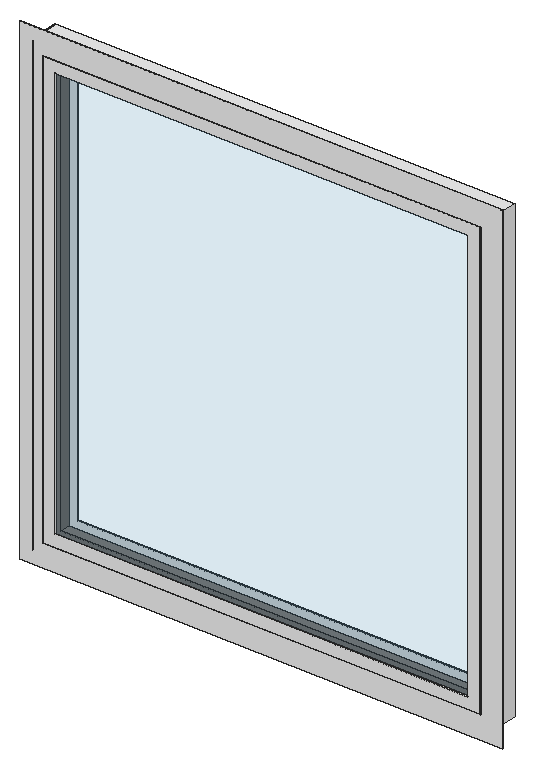
Revit family "Casement_34_G_Top_Hung_Custom", category Windows, host Wall, Revit 2014
Parameters (values of type "Casement_Sash_DG")
  Width Sash [instance] = 30 mm
  Width Sash Inner = 15 mm
  Width Bead = 15 mm
  Top Hung [instance] = yes
  Side Hung Right [instance] = yes
  Side Hung Left [instance] = yes
  Sash Opening Width [instance] = 600 mm
  Sash Opening Height [instance] = 600.312 mm
  Sash Lip = 15 mm
  Glazing Material [instance] = Glass
  DG Start Piece 2 [instance] = DG End Piece 1 + DG Gasket Thickness  # 25 mm
  DG Start Peice 1 [instance] = (Depth Sash - (2 * DG Glazing Thickness) - DG Gasket Thickness) / 2  # 6.6 mm
  Glazing Offset = 5 mm
  DG Glazing Thickness [instance] = 6.4 mm
  DG Gasket Thickness = 12 mm  # constant formula
  DG Gasket Material [instance] = Double Glazing Gasket Material
  DG End Piece 2 [instance] = DG Start Piece 2 + DG Glazing Thickness  # 31.4 mm
  DG End Piece 1 [instance] = DG Start Peice 1 + DG Glazing Thickness  # 13 mm
  Depth Sash [instance] = 38 mm
  Center Vertical Sash [instance] = Sash Opening Height / 2  # 300.156 mm
  Center Horizontal Sash [instance] = Sash Opening Width / 2  # 300 mm
  Bottom Hung [instance] = yes
  Bead Offset = 15 mm
  Aluminium Thickness = 1 mm
  Aluminium Material [instance] = White Powder Coated Aluminium
Reference planes
  plane 1 "Center (Front/Back)": y = 0
  plane 2: z = 0
  plane 3 "Center (Left/Right)": x = 0
Forms (mm)
  Sweep 1, solid, material "White Powder Coated Aluminium" <- "Aluminium Material"
    path origin (16.177, 0, 121.331) x (1, 0, 0) y (0, 0, 1)
      loop
        line (0, 0) -> (600, 0) -> (600, 600.312) -> (0, 600.312) -> (0, 0)
    profile origin (316.177, 0, 121.331) x (0, 0, 1) y (0, -1, 0)
      loop
        line (0, 0) -> (30, 0) -> (30, 1) -> (15, 1) -> (15, 38) -> (-15, 38) -> (-15, 37) -> (0, 37) -> (0, 0)
      loop
        line (14, 1) -> (14, 37) -> (1, 37) -> (1, 1) -> (14, 1)
  Sweep 2, solid, material "White Powder Coated Aluminium" <- "Aluminium Material"
    path origin (0, 0, 0) x (1, 0, 0) y (0, 0, 1)
      loop
        line (31.177, 706.643) -> (31.177, 136.331) -> (601.177, 136.331) -> (601.177, 706.643) -> (31.177, 706.643)
    profile origin (316.177, 0, 706.643) x (0, 0, 1) y (0, -1, 0)
      loop
        line (0, 37) -> (0, 38) -> (-15, 38) -> (-15, 37) -> (0, 37)
  Extrusion 3, solid, material "Glass" <- "Glazing Material"
    sketch origin (0, 0, 0) x (1, 0, 0) y (0, 0, 1)
      loop
        line (36.177, 701.643) -> (36.177, 141.331) -> (596.177, 141.331) -> (596.177, 701.643) -> (36.177, 701.643)
    from 6.6 <- "DG Start Peice 1" to 13 <- "DG End Piece 1"
  Extrusion 4, solid, material "Glass" <- "Glazing Material"
    sketch origin (0, 0, 0) x (1, 0, 0) y (0, 0, 1)
      loop
        line (36.177, 701.643) -> (36.177, 141.331) -> (596.177, 141.331) -> (596.177, 701.643) -> (36.177, 701.643)
    from 31.4 <- "DG End Piece 2" to 25 <- "DG Start Piece 2"
  Sweep 5, solid, material "Double Glazing Gasket Material" <- "DG Gasket Material"
    path origin (0, -13, 0) x (1, 0, 0) y (0, 0, 1)
      loop
        line (36.177, 701.643) -> (36.177, 141.331) -> (596.177, 141.331) -> (596.177, 701.643) -> (36.177, 701.643)
    profile origin (316.177, -13, 701.643) x (0, 0, 1) y (0, -1, 0)
      loop
        line (0, 0) -> (0, 12) -> (-7.96, 12) -> (-7.96, 0) -> (0, 0)
Lines and regions (mm)
  model lines
    curve 1: line (1.177, -38, 736.643) -> (31.177, -38, 706.643)
    curve 2: line (601.177, -38, 706.643) -> (631.177, -38, 736.643)
    curve 3: line (601.177, -38, 136.331) -> (631.177, -38, 106.331)
    curve 4: line (1.177, -38, 106.331) -> (31.177, -38, 136.331)
    curve 5: line (631.177, -37, 736.643) -> (616.177, -37, 721.643)
    curve 6: line (1.177, -37, 736.643) -> (16.177, -37, 721.643)
    curve 7: line (1.177, -37, 106.331) -> (16.177, -37, 121.331)
    curve 8: line (631.177, -37, 106.331) -> (616.177, -37, 121.331)
    curve 9: line (616.177, 0, 121.331) -> (586.177, 0, 151.331)
    curve 10: line (46.177, 0, 151.331) -> (16.177, 0, 121.331)
    curve 11: line (616.177, 0, 721.643) -> (586.177, 0, 691.643)
    curve 12: line (46.177, 0, 691.643) -> (16.177, 0, 721.643)
    curve 13: line (31.177, -38, 691.643) -> (46.177, -38, 691.643)
    curve 14: line (586.177, -38, 691.643) -> (601.177, -38, 691.643)
    curve 15: line (586.177, -38, 151.331) -> (601.177, -38, 151.331)
    curve 16: line (31.177, -38, 151.331) -> (46.177, -38, 151.331)
  model lines, style "GenericModelHiddenLines", visible <- "Top Hung"
    curve 17: line (46.386, -31.4, 690.914) -> (316.177, -31.4, 151.331)
    curve 18: line (316.177, -31.4, 151.331) -> (586.177, -31.4, 691.331)
  model lines, style "GenericModelHiddenLines", visible <- "Bottom Hung"
    curve 19: line (46.177, -31.4, 151.331) -> (316.177, -31.4, 691.331)
    curve 20: line (316.177, -31.4, 691.331) -> (586.177, -31.4, 151.331)
  model lines, style "GenericModelHiddenLines", visible <- "Side Hung Left"
    curve 21: line (46.386, -31.4, 690.914) -> (585.24, -31.4, 421.487)
    curve 22: line (585.24, -31.4, 421.487) -> (46.177, -31.4, 151.331)
  model lines, style "GenericModelHiddenLines", visible <- "Side Hung Right"
    curve 23: line (586.177, -31.4, 691.331) -> (46.177, -31.4, 421.487)
    curve 24: line (46.177, -31.4, 421.487) -> (586.177, -31.4, 151.331)
Dimensions and locks
  "Aluminium Thickness": Sweep 1 sketch curve to Sweep 1 sketch curve  (x4)
  "Depth Sash": Sweep 1 sketch curve to Sweep 1 sketch curve
  "Sash Opening Width": Sweep 1 to Sweep 1
  "Sash Opening Height": Sweep 1 to Sweep 1
  "Width Sash": Sweep 1 sketch curve to Sweep 1 sketch curve  (x2)
  "Width Sash Inner": Sweep 1 sketch curve to Sweep 1 sketch curve
  "Sash Lip": Sweep 1 sketch curve to Sweep 1 sketch curve
  "Aluminium Thickness": Sweep 1 to Sweep 2 sketch curve
  "Glazing Offset": Sweep 2 to Extrusion 3 sketch curve  (x3)
  "Glazing Offset": Extrusion 3 sketch curve to Sweep 2
  Sweep 1 to Sweep 1 = 1 mm
  "Aluminium Thickness": Sweep 2 sketch curve to Sweep 2 sketch curve
  "Width Bead": Sweep 2 sketch curve to Sweep 2 sketch curve
  locked: Sweep 5 sketch curve to Sweep 5 sketch curve at 7.96
  "Center Horizontal Sash": Sweep 1 to curve 18
  "Center Horizontal Sash": Sweep 1 to curve 20
  "Center Vertical Sash": Sweep 1 to curve 22
  "Center Vertical Sash": Sweep 1 to curve 24
  aligned and locked: level to plane 2
  aligned and locked: Sweep 1 sketch curve to Sweep 1 sketch curve  (x2)
  aligned and locked: Sweep 2 sketch curve to Sweep 1  (x5)
  aligned and locked: Extrusion 4 sketch curve to Extrusion 3  (x4)
  aligned and locked: Sweep 5 sketch curve to Extrusion 3  (x5)
  aligned and locked: Extrusion 3 to Sweep 5 sketch curve
Automatic sketch dimensions
  plane 3 "Center (Left/Right)" to Sweep 1 sketch curve = 16.177 mm
  level to Sweep 1 sketch curve = 121.331 mm
  plane 3 "Center (Left/Right)" to Sweep 1 sketch curve = 616.177 mm
  level to Sweep 1 sketch curve = 721.643 mm
  profile plane to Sweep 5 sketch curve = 12 mm
  curve 7 to Sweep 1 = 0 mm  (x4)
  curve 6 to Sweep 1 = 0 mm  (x3)
  Sweep 1 to curve 6 = 0 mm
  curve 5 to Sweep 1 = 0 mm  (x3)
  curve 8 to Sweep 1 = 0 mm  (x4)
  Sweep 1 to curve 5 = 0 mm
  curve 16 to Sweep 2 = 0 mm  (x3)
  curve 13 to Sweep 2 = 0 mm  (x3)
  curve 15 to Sweep 2 = 0 mm
  Sweep 2 to curve 15 = 0 mm  (x2)
  curve 14 to Sweep 2 = 0 mm  (x2)
  Sweep 2 to curve 14 = 0 mm
  curve 1 to Sweep 1 = 0 mm  (x4)
  curve 4 to Sweep 1 = 0 mm  (x3)
  Sweep 1 to curve 4 = 0 mm
  curve 3 to Sweep 1 = 0 mm  (x3)
  curve 2 to Sweep 1 = 0 mm  (x4)
  Sweep 1 to curve 3 = 0 mm
  curve 10 to Sweep 1 = 0 mm  (x4)
  curve 12 to Sweep 1 = 0 mm  (x3)
  Sweep 1 to curve 12 = 0 mm
  curve 9 to Sweep 1 = 0 mm  (x4)
  curve 11 to Sweep 1 = 0 mm  (x3)
  Sweep 1 to curve 11 = 0 mm
  Sweep 1 sketch curve to plane 1 "Center (Front/Back)" = 0 mm
  profile plane to Sweep 1 sketch curve = 0 mm
  curve 21 to Extrusion 4 = 10.208 mm
  curve 19 to Extrusion 4 = 10 mm
  curve 23 to Extrusion 4 = 10 mm  (x2)
  curve 22 to Extrusion 4 = 10.937 mm
  curve 20 to Extrusion 4 = 10 mm
  curve 24 to Extrusion 4 = 10 mm
  curve 22 to Extrusion 4 = 10 mm
  curve 18 to Extrusion 4 = 10 mm
  curve 21 to Extrusion 4 = 10.729 mm
  curve 19 to Extrusion 4 = 10.312 mm
  curve 18 to Extrusion 4 = 10.312 mm
